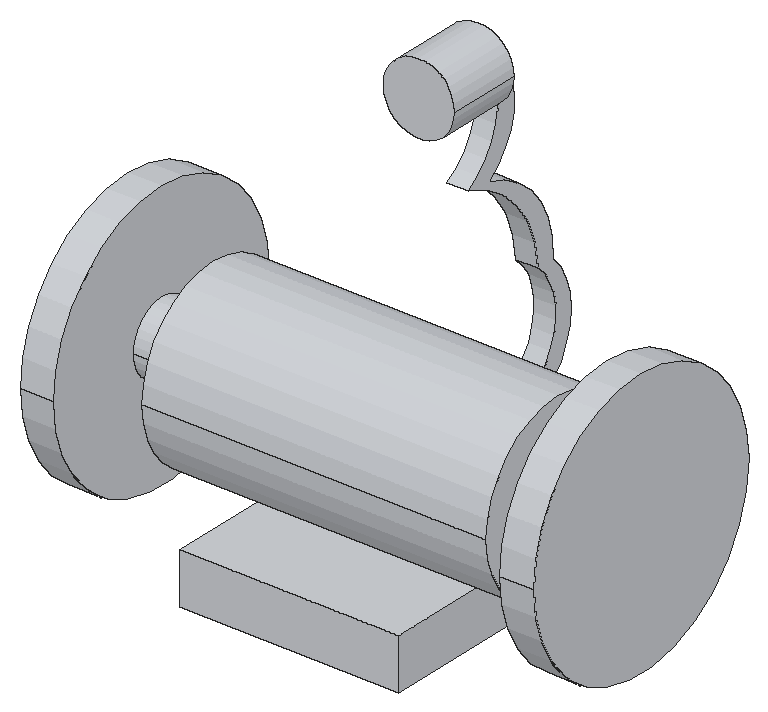
Revit family "Станок настольный точильно-шлифовальный JBG-150", category Оборудование, Revit 2017
Family settings
  Размер круглого соединителя = Использовать диаметр
  Тип детали = Нормальный
  На основе рабочей плоскости = Нет
  Всегда вертикально = Да
  При загрузке вырезать с полостями = Нет
  Общий = Да
  Точка расчета площади = Нет
Parameters (values of type "Настольный точильно-шлифовальный станок")
  Ширина = 430 mm
  Число полюсов = 1
  Примечание ЭМ [instance] = ""
  Примечание АР [instance] = ""
  Примечание = ""
  Обозначение = "JBG-150"
  Напряжение = 220 V
  Наименование = "Настольный точильно-шлифовальный станок"
  Мощность номинальная = 250 W
  Масса = ""
  Manufacturer = ""
  Задание = "ЭМ"
  Завод = ""
  Единицы = "шт."
  Глубина = 200 mm
  Высота = 266 mm
  URL = ""
Reference planes
  plane 1 "По центру (Вперед/Назад)": y = 0
  plane 2: z = 0
  plane 3 "По центру (Влево/Вправо)": x = 0
  plane 4: y = 200
  plane 5: x = 430
  plane 6: x = 215
  plane 7: z = 266
Forms (mm)
  Extrusion 1, solid
    sketch origin (0, 0, 0) x (1, 0, 0) y (0, 1, 0)
      loop
        line (125.322, 200) -> (125.322, 0) -> (308.428, 0) -> (308.428, 200) -> (125.322, 200)
    from 0 to 42.743
  Extrusion 2, solid
    sketch origin (0, 0, 0) x (0, 1, 0) y (0, 0, 1)
      loop
        circle (103.5, 119.848) r 75
    from 70.781 to 359.27
  Extrusion 3, solid
    sketch origin (0, 0, 0) x (0, 1, 0) y (0, 0, 1)
      loop
        circle (102.041, 124.226) r 30
    from 28.135 to 70.781
  Extrusion 4, solid
    sketch origin (430, 0, 0) x (0, 1, 0) y (0, 0, -1)
      loop
        circle (102.041, -124.226) r 30
    from 28.135 to 70.781
  Extrusion 5, solid
    sketch origin (0, 0, 0) x (0, 1, 0) y (0, 0, 1)
      loop
        circle (102.041, 124.226) r 112.59
    from 0 to 28.135
  Extrusion 6, solid
    sketch origin (430, 0, 0) x (0, 1, 0) y (0, 0, -1)
      loop
        circle (102.041, -124.226) r 112.59
    from 0 to 28.135
  Extrusion 7, solid
    sketch origin (0, 0, 0) x (0, 1, 0) y (0, 0, 1)
      loop
        arc (200, 21.371) -> (247.5, 41.047) -> (267.175, 88.547) r 67.175
        arc (267.175, 88.547) -> (285.774, 133.547) -> (267.175, 178.547) r 63.739
        arc (267.175, 178.547) -> (248.988, 234.103) -> (200, 266) r 87.986
        arc (200, 266) -> (222.586, 338.071) -> (158.958, 378.763) r 62.175
        arc (158.958, 378.763) -> (207.995, 330.558) -> (178.402, 268.488) r 59.221
        arc (178.402, 268.488) -> (229.075, 235.533) -> (250.774, 179.116) r 98.002
        arc (250.774, 179.116) -> (270.185, 136.616) -> (250.774, 94.116) r 56.232
        arc (250.774, 94.116) -> (237.753, 53.484) -> (200, 33.606) r 56.386
        line (200, 33.606) -> (200, 21.371)
    from 206.309 to 224.329
  Extrusion 8, solid
    sketch origin (0, 0, 7.5) x (1, 0, 0) y (0, 0, 1)
      loop
        circle (215, 344.671) r 30
    from -200 to -138.505
  Extrusion 9, solid
    sketch origin (0, 0, 0) x (1, 0, 0) y (0, 0, 1)
      loop
        circle (142.527, 22.783) r 5
    from -208.46 to -200
Dimensions and locks
  "Глубина": plane 4 to plane 1 "По центру (Вперед/Назад)"
  "Ширина": plane 3 "По центру (Влево/Вправо)" to plane 5
  equal spacing: plane 3 "По центру (Влево/Вправо)", plane 6, plane 5
  "Высота": plane 7 to level
  aligned and locked: level to plane 2
  aligned and locked: Extrusion 1 sketch curve to plane 4
  aligned and locked: Extrusion 1 sketch curve to plane 1 "По центру (Вперед/Назад)"
  aligned and locked: Extrusion 3 to Extrusion 2
  aligned and locked: Extrusion 5 to Extrusion 3
  aligned and locked: Extrusion 9 to plane 4
Automatic sketch dimensions
  plane 6 to Extrusion 1 sketch curve = 89.678 mm
  Extrusion 1 sketch curve to plane 6 = 93.428 mm
  Extrusion 2 sketch curve to plane 4 = 96.5 mm
  level to Extrusion 2 sketch curve = 119.848 mm
  Extrusion 3 sketch curve to plane 4 = 97.959 mm
  level to Extrusion 3 sketch curve = 124.226 mm
  Extrusion 4 sketch curve to plane 4 = 97.959 mm
  level to Extrusion 4 sketch curve = 124.226 mm
  Extrusion 5 sketch curve to plane 4 = 97.959 mm
  level to Extrusion 5 sketch curve = 124.226 mm
  Extrusion 6 sketch curve to plane 4 = 97.959 mm
  level to Extrusion 6 sketch curve = 124.226 mm
  Extrusion 7 sketch curve to plane 4 = 0 mm  (x2)
  Extrusion 7 sketch curve to plane 7 = 0 mm
  Extrusion 7 sketch curve to plane 4 = 5.441 mm
  Extrusion 7 sketch curve to plane 4 = 20.789 mm
  plane 7 to Extrusion 7 sketch curve = 2.488 mm
  Extrusion 7 sketch curve to plane 4 = 21.598 mm
  Extrusion 7 sketch curve to plane 4 = 35.839 mm
  Extrusion 7 sketch curve to plane 4 = 41.042 mm
  Extrusion 7 sketch curve to Extrusion 7 sketch curve = 26.297 mm
  Extrusion 7 sketch curve to Extrusion 7 sketch curve = 14.487 mm
  plane 4 to Extrusion 7 sketch curve = 13.954 mm
  Extrusion 7 sketch curve to Extrusion 7 sketch curve = 8.081 mm
  plane 4 to Extrusion 7 sketch curve = 50.774 mm
  Extrusion 7 sketch curve to Extrusion 7 sketch curve = 28.739 mm
  Extrusion 7 sketch curve to Extrusion 7 sketch curve = 16.401 mm  (x2)
  Extrusion 7 sketch curve to Extrusion 7 sketch curve = 85.495 mm
  Extrusion 7 sketch curve to Extrusion 7 sketch curve = 0.569 mm
  Extrusion 7 sketch curve to Extrusion 7 sketch curve = 43.889 mm
  Extrusion 7 sketch curve to Extrusion 7 sketch curve = 3.069 mm
  Extrusion 7 sketch curve to Extrusion 7 sketch curve = 1.182 mm
  Extrusion 7 sketch curve to Extrusion 7 sketch curve = 48.319 mm
  plane 6 to Extrusion 8 sketch curve = 0 mm
  plane 7 to Extrusion 8 sketch curve = 86.171 mm
  level to Extrusion 9 sketch curve = 22.783 mm
  plane 6 to Extrusion 9 sketch curve = 72.473 mm
  radius of Extrusion 2 sketch curve = 75 mm
  radius of Extrusion 3 sketch curve = 30 mm
  radius of Extrusion 4 sketch curve = 30 mm
  radius of Extrusion 5 sketch curve = 112.59 mm
  radius of Extrusion 6 sketch curve = 112.59 mm
  radius of Extrusion 8 sketch curve = 30 mm
  radius of Extrusion 9 sketch curve = 5 mm
